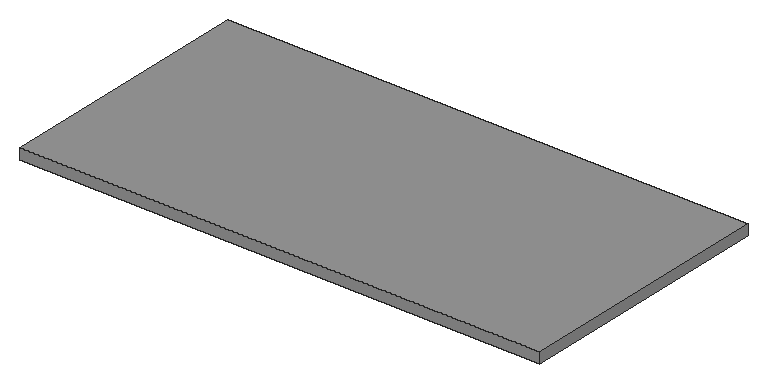
Revit family "Echo Eliminator - Ceiling and Wall Panels", category Generic Models, Revit 2016
Family settings
  Part Type = Normal
  Can host rebar = No
  Round Connector Dimension = Use Diameter
  Work Plane-Based = Yes
  Always vertical = No
  Cut with Voids When Loaded = No
  Shared = No
  Room Calculation Point = No
Parameters (values of type "1 INCH THICK - 24x48 - Grey")
  ‍      1. Thickness 1" = Thickness Options = 1  # yes
  URL = "https://www.acousticalsurfaces.com/echo-eliminator/ceiling-wall-panels/"
  Thickness Options = 1
  T = if(Thickness Options = 0, 0' 0 1/2", 0' 0") + if(Thickness Options = 1, 0' 1", 0' 0") + if(Thickness Options = 2, 0' 2", 0' 0")  # 0' - 1"
  Material = "PolyMax"
  Manufacturer = "Acoustical Surfaces, Inc."
  Finish = Echo Eliminator - Grey
  Width = 2' - 0"
  Length = 4' - 0"
  ‍      2. Thickness 2" = Thickness Options = 2  # no
  Default Elevation = 4' - 0"
  A = 0' - 0"
Types (46): name | ‍      1. Thickness 1" | Thickness Options | T | Finish | Width | Length | ‍      2. Thickness 2"
  1 INCH THICK - 24x48 - Grey | yes | 1 | 0' - 1" | Echo Eliminator - Grey | 2' - 0" | 4' - 0" | no
  1 INCH THICK - 48X96 - Black | yes | 1 | 0' - 1" | Echo Eliminator - Black | 4' - 0" | 8' - 0" | no
  1 INCH THICK - 48X96 Beige | yes | 1 | 0' - 1" | Echo Eliminator - Beige | 4' - 0" | 8' - 0" | no
  1 INCH THICK - 48X96 - White | yes | 1 | 0' - 1" | Echo Eliminator - White | 4' - 0" | 8' - 0" | no
  2 INCH THICK - 48X96 - Black | no | 2 | 0' - 2" | Echo Eliminator - Black | 4' - 0" | 8' - 0" | yes
  2 INCH THICK - 48X96 - Beige | no | 2 | 0' - 2" | Echo Eliminator - Beige | 4' - 0" | 8' - 0" | yes
  2 INCH THICK - 48X96 - White | no | 2 | 0' - 2" | Echo Eliminator - White | 4' - 0" | 8' - 0" | yes
  2 INCH THICK - 24x48 - Printed Graphics | no | 2 | 0' - 2" | Echo Eliminator - Marble Blue | 2' - 0" | 4' - 0" | yes
  2 INCH THICK - 24x48 - Charcoal | no | 2 | 0' - 2" | Echo Eliminator - Charcoal | 2' - 0" | 4' - 0" | yes
  2 INCH THICK - 24x48 - Black | no | 2 | 0' - 2" | Echo Eliminator - Black | 2' - 0" | 4' - 0" | yes
  2 INCH THICK - 24x48 - White | no | 2 | 0' - 2" | Echo Eliminator - White | 2' - 0" | 4' - 0" | yes
  1 INCH THICK - 24x48 - Charcoal | yes | 1 | 0' - 1" | Echo Eliminator - Charcoal | 2' - 0" | 4' - 0" | no
  1 INCH THICK - 24x48 - Black | yes | 1 | 0' - 1" | Echo Eliminator - Black | 2' - 0" | 4' - 0" | no
  1 INCH THICK - 24x48 - Beige | yes | 1 | 0' - 1" | Echo Eliminator - Beige | 2' - 0" | 4' - 0" | no
  1 INCH THICK - 24x48 - White | yes | 1 | 0' - 1" | Echo Eliminator - White | 2' - 0" | 4' - 0" | no
  2 INCH THICK - 24x48 - Beige | no | 2 | 0' - 2" | Echo Eliminator - Beige | 2' - 0" | 4' - 0" | yes
  1 INCH THICK - 24x48 - Marble Blue | yes | 1 | 0' - 1" | Echo Eliminator - Marble Blue | 2' - 0" | 4' - 0" | no
  2 INCH THICK - 48x48 - Black | no | 2 | 0' - 2" | Echo Eliminator - Black | 4' - 0" | 4' - 0" | yes
  2 INCH THICK - 48x48 - Charcoal | no | 2 | 0' - 2" | Echo Eliminator - Charcoal | 4' - 0" | 4' - 0" | yes
  2 INCH THICK - 48x48 - Gray | no | 2 | 0' - 2" | Echo Eliminator - Grey | 4' - 0" | 4' - 0" | yes
  2 INCH THICK - 48x48 - Printed Graphics | no | 2 | 0' - 2" | Echo Eliminator - Marble Blue | 4' - 0" | 4' - 0" | yes
  2 INCH THICK - 48x48 - Beige | no | 2 | 0' - 2" | Echo Eliminator - Beige | 4' - 0" | 4' - 0" | yes
  2 INCH THICK - 48x48 - White | no | 2 | 0' - 2" | Echo Eliminator - White | 4' - 0" | 4' - 0" | yes
  1 INCH THICK - 48x48 - Black | yes | 1 | 0' - 1" | Echo Eliminator - Black | 4' - 0" | 4' - 0" | no
  1 INCH THICK - 48x48 - Charcoal | yes | 1 | 0' - 1" | Echo Eliminator - Charcoal | 4' - 0" | 4' - 0" | no
  1 INCH THICK - 48x48 - Grey | yes | 1 | 0' - 1" | Echo Eliminator - Grey | 4' - 0" | 4' - 0" | no
  1 INCH THICK - 48x48 - Marble Blue | yes | 1 | 0' - 1" | Echo Eliminator - Marble Blue | 4' - 0" | 4' - 0" | no
  1 INCH THICK - 48x48 - Beige | yes | 1 | 0' - 1" | Echo Eliminator - Beige | 4' - 0" | 4' - 0" | no
  1 INCH THICK - 48x48 - White | yes | 1 | 0' - 1" | Echo Eliminator - White | 4' - 0" | 4' - 0" | no
  2 INCH THICK - 24x24 - Black | no | 2 | 0' - 2" | Echo Eliminator - Black | 2' - 0" | 2' - 0" | yes
  1 INCH THICK - 24x24 - Black | yes | 1 | 0' - 1" | Echo Eliminator - Black | 2' - 0" | 2' - 0" | no
  2 INCH THICK - 24x24 - Charcoal | no | 2 | 0' - 2" | Echo Eliminator - Charcoal | 2' - 0" | 2' - 0" | yes
  1 INCH THICK - 24x24 - Charcoal | yes | 1 | 0' - 1" | Echo Eliminator - Charcoal | 2' - 0" | 2' - 0" | no
  2 INCH THICK - 24x24 - Gray | no | 2 | 0' - 2" | Echo Eliminator - Grey | 2' - 0" | 2' - 0" | yes
  1 INCH THICK - 24x24 - Grey | yes | 1 | 0' - 1" | Echo Eliminator - Grey | 2' - 0" | 2' - 0" | no
  2 INCH THICK - 24x24 - Printed Graphics | no | 2 | 0' - 2" | Echo Eliminator - Marble Blue | 2' - 0" | 2' - 0" | yes
  1 INCH THICK - 24x24 - Marble Blue | yes | 1 | 0' - 1" | Echo Eliminator - Marble Blue | 2' - 0" | 2' - 0" | no
  2 INCH THICK - 24x24 - Beige | no | 2 | 0' - 2" | Echo Eliminator - Beige | 2' - 0" | 2' - 0" | yes
  1 INCH THICK - 24x24 - Beige | yes | 1 | 0' - 1" | Echo Eliminator - Beige | 2' - 0" | 2' - 0" | no
  2 INCH THICK - 24x24 - White | no | 2 | 0' - 2" | Echo Eliminator - White | 2' - 0" | 2' - 0" | yes
  1 INCH THICK - 24x24 - White | yes | 1 | 0' - 1" | Echo Eliminator - White | 2' - 0" | 2' - 0" | no
  2 INCH THICK - 24x48 - Gray | no | 2 | 0' - 2" | Echo Eliminator - Grey | 2' - 0" | 4' - 0" | yes
  1 INCH THICK - 48X96 - Marble Blue | yes | 1 | 0' - 1" | Echo Eliminator - Marble Blue | 4' - 0" | 8' - 0" | no
  1 INCH THICK - 48X96 - Charcoal | yes | 1 | 0' - 1" | Echo Eliminator - Charcoal | 4' - 0" | 8' - 0" | no
  2 INCH THICK - 48X96 - Marble Blue | no | 2 | 0' - 2" | Echo Eliminator - Marble Blue | 4' - 0" | 8' - 0" | yes
  2 INCH THICK - 48X96 - Charcoal | no | 2 | 0' - 2" | Echo Eliminator - Charcoal | 4' - 0" | 8' - 0" | yes
Reference planes (in)
  plane 1 "Center (Front/Back)": y = 0
  plane 2: z = 0
  plane 3 "Center (Left/Right)": x = 0
Dimensions and locks (in)
  "A": nested 1 to level
  aligned and locked: level to plane 2
Nested families (in)
  nested 1: "Square" at (0, 0, 0), type "Square"
Definition of nested family "Square"
  Parameters (values of type "Square")
    Thickness = 0' - 1"
    Material = none
    B = 2' - 0"
    A = 4' - 0"
  Reference planes (in)
    plane 1 "Center (Front/Back)": y = 0
    plane 2: z = 0
    plane 3 "Center (Left/Right)": x = 0
    plane 4: x = -24
    plane 5: x = 24
    plane 6: y = 12
    plane 7: y = -12
    plane 8: z = 1
  Forms (in)
    Extrusion 1, solid, material <- "Material"
      sketch origin (0, 0, 0) x (1, 0, 0) y (0, 1, 0)
        loop
          line (24, 12) -> (-24, 12) -> (-24, -12) -> (24, -12) -> (24, 12)
      from 0 to 1
  Dimensions and locks (in)
    equal spacing: plane 4, plane 3 "Center (Left/Right)", plane 5
    equal spacing: plane 7, plane 1 "Center (Front/Back)", plane 6
    "B": plane 7 to plane 6
    "A": plane 4 to plane 5
    "Thickness": plane 8 to level
    aligned and locked: level to plane 2
    aligned and locked: Extrusion 1 sketch curve to plane 4
    aligned and locked: plane 5 to Extrusion 1 sketch curve
    aligned and locked: Extrusion 1 sketch curve to plane 6
    aligned and locked: Extrusion 1 sketch curve to plane 7
    aligned and locked: Extrusion 1 to plane 8
